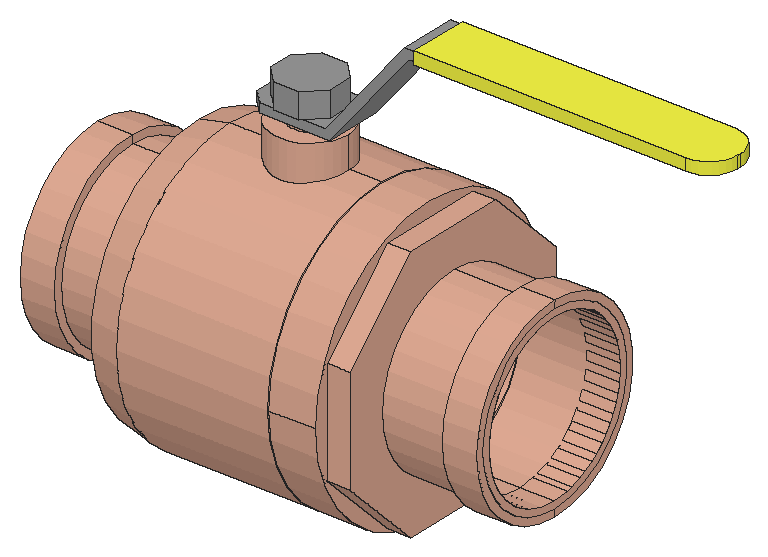
Revit family "430XLC-Ball-Valve", category Pipe Accessories, Revit 2018
Family settings
  Round Connector Dimension = Use Diameter
  Part Type = Valve - Breaks Into
  OmniClass Number = 23.60.30.11.14
  OmniClass Title = Pipework Fittings
  Work Plane-Based = No
  Always vertical = Yes
  Cut with Voids When Loaded = No
  Shared = No
Parameters
  X6_Half [instance] = X6 / 2  # 0.324"
  Weight [instance] = size_lookup(LookupTable, "Weight", "NA", Nominal Diameter)  # "14.55 lbs."
  URL = "http://www.fnw.com"
  Standards Lookup Table = "Standards"  # constant formula
  R4 [instance] = size_lookup(LookupTable, "R4", 0.000", Nominal Diameter)  # 2.4075"
  Product ID [instance] = size_lookup(LookupTable, "ProductID", "NA", Nominal Diameter)  # "3801465"
  Pipe Diameter [instance] = size_lookup(Standards Lookup Table, "copper", 0.000", Nominal Diameter)  # 3.125"
  Part Number [instance] = size_lookup(LookupTable, "PartNumber", "NA", Nominal Diameter)  # "FNW430XLCM"
  PIpe Radius [instance] = Pipe Diameter / 2  # 1.5625"
  Manufacturer = "FNW"  # constant formula
  Insert [instance] = size_lookup(LookupTable, "insert", 0.000", Nominal Diameter)  # 1.910"
  Description BOM [instance] = size_lookup(LookupTable, "Description_BOM", "NA", Nominal Diameter)  # "Not For Potable Use 3 XLC Brass PXP Full Port BV Water"
  D5 Half [instance] = D5 / 2  # 1.830"
  D5 [instance] = size_lookup(LookupTable, "D5", 0.000", Nominal Diameter)  # 3.660"
  D3_Half [instance] = D3 / 2  # 0.5625"
  1_Z2 [instance] = size_lookup(LookupTable, "1_Z2", 0.000", Nominal Diameter)  # 0.1644"
  1_Z1 [instance] = size_lookup(LookupTable, "1_Z1", 0.000", Nominal Diameter)  # 1.88935"
  Z3 [instance] = size_lookup(LookupTable, "Z3", 0.000", Nominal Diameter)  # 0.46875"
  Z2 [instance] = size_lookup(LookupTable, "Z2", 0.000", Nominal Diameter)  # 3.425"
  Z1 [instance] = size_lookup(LookupTable, "Z1", 0.000", Nominal Diameter)  # 3.2606"
  1_Y1 [instance] = size_lookup(LookupTable, "1_Y1", 0.000", Nominal Diameter)  # 1.080"
  1_X4 [instance] = size_lookup(LookupTable, "1_X4", 0.000", Nominal Diameter)  # 0.7992"
  1_X1 [instance] = size_lookup(LookupTable, "1_X1", 0.000", Nominal Diameter)  # 1.5984"
  1_X3 [instance] = size_lookup(LookupTable, "1_X3", 0.000", Nominal Diameter)  # 8.070"
  X7 [instance] = size_lookup(LookupTable, "X7", 0.000", Nominal Diameter)  # 4.000"
  X6 [instance] = size_lookup(LookupTable, "X6", 0.000", Nominal Diameter)  # 0.648"
  X5 [instance] = size_lookup(LookupTable, "X5", 0.000", Nominal Diameter)  # 0.450"
  X4 [instance] = size_lookup(LookupTable, "X4", 0.000", Nominal Diameter)  # 0.900"
  X3 [instance] = size_lookup(LookupTable, "X3", 0.000", Nominal Diameter)  # 2.85667"
  X2 [instance] = size_lookup(LookupTable, "X2", 0.000", Nominal Diameter)  # 0.57333"
  1_X2 [instance] = size_lookup(LookupTable, "1_X2", 0.000", Nominal Diameter)  # 1.41701"
  X1 [instance] = size_lookup(LookupTable, "X1", 0.000", Nominal Diameter)  # 1.910"
  Show Lever Clearance [instance] = no
  R3 [instance] = size_lookup(LookupTable, "R3", 0.000", Nominal Diameter)  # 2.675"
  R2 [instance] = size_lookup(LookupTable, "R2", 0.000", Nominal Diameter)  # 2.54125"
  R1_Diam [instance] = R1 * 2  # 3.365"
  R1 [instance] = size_lookup(LookupTable, "R1", 0.000", Nominal Diameter)  # 1.6825"
  Nominal Radius [instance] = Nominal Diameter / 2  # 1.500"
  Nominal Diameter [instance] = 3.000"
  LookupTable = "430XLC-Ball-Valve"  # constant formula
  HexAngle1 [instance] = 135.00°  # constant formula
  D3 [instance] = size_lookup(LookupTable, "D3", 0.000", Nominal Diameter)  # 1.125"
  D2 [instance] = size_lookup(LookupTable, "D2", 0.000", Nominal Diameter)  # 0.750"
  D1 [instance] = size_lookup(LookupTable, "D1", 0.000", Nominal Diameter)  # 1.434"
Reference planes (in)
  plane 1 "Center (Front/Back)": y = 0
  plane 2: z = 0
  plane 3 "Center (Left/Right)": x = 0
  plane 4 "X7 End": x = -4
  plane 5 "D1 Top": z = 3.2606
  plane 6 "D2 Top": z = 3.425
  plane 7: x = -2.09
  plane 8: x = -1.51667
  plane 9: x = 1.34
  plane 10 "Face EXT": x = 2.24
  plane 11: x = 2.69
  plane 12 "R3 Top": z = 2.675
  plane 13 "R2 Top": z = 2.54125
  plane 14 "R1 Top": z = 1.6825
  plane 15 "Pipe radius": z = 1.5625
  plane 16 "NPT": x = -2.09
  plane 17 "NPT 2": x = 2.24
  plane 18: x = 4.6
  plane 19 "X61": x = -4
  plane 20: x = -3.352
  plane 21 "X62": x = 3.952
  plane 22: x = 4.6
  plane 23: z = 3.5894
  plane 24: x = 4.276
  plane 25: x = -3.676
  plane 26: z = 4.05815
  plane 27: z = 1.83
  plane 28: x = -2.09
  plane 29: x = 2.69
Forms (in)
  Extrusion 1, solid, material "Copper_01"
    sketch origin (0, 0, 0) x (1, 0, 0) y (0, 1, 0)
      loop
        circle (0, 0) r 0.375
    from 3.2606 to 3.425
  Extrusion 2, solid, material "Copper_01"
    sketch origin (0, 0, 0) x (0, 1, 0) y (0, 0, 1)
      loop
        circle (0, 0) r 2.675
      loop
        circle (0, 0) r 1.5625
    from 1.34 to 2.24
  Extrusion 3, solid, material "Copper_01"
    sketch origin (0, 0, 1.5625) x (-1, 0, 0) y (0, -1, 0)
      loop
        circle (0, 0) r 0.717
    from 0 to 1.6981
  Extrusion 4, solid, material "Copper_01", not visible
    sketch origin (-2.09, 0, 0) x (0, 0, 1) y (0, -1, 0)
      loop
        circle (0, 0) r 1.5
    from 0 to 4.78
  Extrusion 5, solid, material "Copper_01"
    sketch origin (-2.09, 0, 0) x (0, 0, 1) y (0, -1, 0)
      loop
        circle (0, 0) r 1.6825
      loop
        circle (0, 0) r 1.5625
    from -1.91 to 0
  Extrusion 6, solid, material "Copper_01"
    sketch origin (2.24, 0, 0) x (0, 0, 1) y (0, -1, 0)
      loop
        line (-0.99722, -2.4075) -> (0.99722, -2.4075) -> (2.4075, -0.99722) -> (2.4075, 0.99722) -> (0.99722, 2.4075) -> (-0.99722, 2.4075) -> (-2.4075, 0.99722) -> (-2.4075, -0.99722) -> (-0.99722, -2.4075)
      loop
        circle (0, 0) r 1.5625
    from 0 to 0.45
  Revolve 7, solid, material "Copper_01"
    sketch origin (0, 0, 0) x (1, 0, 0) y (0, 0, 1)
      loop
        line (1.34, 1.5625) -> (1.34, 2.675) -> (-1.51297, 2.675) -> (-2.09, 2.54125) -> (-2.09, 1.5625) -> (1.34, 1.5625)
      axis (-2.09, 0) -> (1.34, 0)
    angle from 0 to 360
  Revolve 8, solid, material "Copper_01"
    sketch origin (0, 0, 0) x (1, 0, 0) y (0, 0, 1)
      loop
        line (-4, 1.83) -> (-4, 1.5625) -> (-3.352, 1.5625) -> (-3.352, 1.83) -> (-4, 1.83)
      axis (-4, 0) -> (-3.352, 0)
    angle from 0 to 360
  Revolve 9, solid, material "Copper_01"
    sketch origin (0, 0, 0) x (1, 0, 0) y (0, 0, 1)
      loop
        line (3.952, 1.83) -> (3.952, 1.5625) -> (4.6, 1.5625) -> (4.6, 1.83) -> (3.952, 1.83)
      axis (3.952, 0) -> (4.6, 0)
    angle from 0 to 360
  Extrusion 10, solid, material "Copper_01"
    sketch origin (-2.09, 0, 0) x (0, 0, 1) y (0, -1, 0)
      loop
        circle (0, 0) r 1.6825
      loop
        circle (0, 0) r 1.5625
    from 4.78 to 6.69
Dimensions and locks (in)
  "X7": plane 4 "X7 End" to plane 3 "Center (Left/Right)"
  "Z1": plane 5 "D1 Top" to plane 2
  "Z2": plane 6 "D2 Top" to plane 2
  "X1": plane 4 "X7 End" to plane 7
  "X2": plane 8 to plane 7
  "X3": plane 9 to plane 8
  "X4": plane 10 "Face EXT" to plane 9
  "X5": plane 11 to plane 10 "Face EXT"
  "R3": plane 12 "R3 Top" to plane 2
  "R2": plane 13 "R2 Top" to plane 2
  "R1": plane 14 "R1 Top" to plane 2
  "PIpe Radius": plane 15 "Pipe radius" to plane 2
  "X1": plane 4 "X7 End" to plane 16 "NPT"
  "X5": plane 11 to plane 17 "NPT 2"
  "X1": plane 18 to plane 11
  "R4": Extrusion 6 sketch curve to plane 1 "Center (Front/Back)"
  "R4": plane 1 "Center (Front/Back)" to Extrusion 6 sketch curve  (x5)
  "R4": plane 2 to Extrusion 6 sketch curve  (x2)
  "1_Z2": plane 23 to plane 6 "D2 Top"
  equal spacing: plane 20, plane 25, plane 19 "X61"
  equal spacing: plane 22, plane 24, plane 21 "X62"
  "X6": plane 22 to plane 21 "X62"
  "X6": plane 20 to plane 19 "X61"
  "X6_Half": plane 4 "X7 End" to plane 25
  "Z3": plane 26 to plane 23
  "D5 Half": plane 27 to plane 2
  "X6_Half": plane 24 to plane 18
  "Insert": plane 29 to plane 18
  "Insert": plane 28 to plane 4 "X7 End"
  plane 14 "R1 Top" to plane 15 "Pipe radius" = 0.120"
  "D2": diameter of Extrusion 1 sketch curve
  "R3": radius of Extrusion 2 sketch curve
  "PIpe Radius": radius of Extrusion 2 sketch curve
  "D1": diameter of Extrusion 3 sketch curve
  "Nominal Radius": radius of Extrusion 4 sketch curve
  "R1": radius of Extrusion 5 sketch curve
  "PIpe Radius": radius of Extrusion 5 sketch curve
  "PIpe Radius": radius of Extrusion 6 sketch curve
  "R1": radius of Extrusion 10 sketch curve
  "PIpe Radius": radius of Extrusion 10 sketch curve
  angle Extrusion 6 sketch curve to Extrusion 6 sketch curve = 135.00°  (x7)
  aligned and locked: plane 2 to level
  aligned and locked: Extrusion 1 to plane 5 "D1 Top"
  aligned and locked: plane 6 "D2 Top" to Extrusion 1
  aligned and locked: Extrusion 2 to plane 9
  aligned and locked: Extrusion 2 to plane 10 "Face EXT"
  aligned and locked: plane 5 "D1 Top" to Extrusion 3
  aligned and locked: plane 4 "X7 End" to Extrusion 5
  aligned and locked: Revolve 7 sketch curve to level
  aligned and locked: Revolve 8 sketch curve to plane 2
  aligned and locked: Revolve 9 sketch curve to plane 2
  aligned and locked: plane 7 to Extrusion 5
  aligned and locked: Extrusion 10 to plane 11
  aligned and locked: Extrusion 10 to plane 18
  aligned and locked: Extrusion 6 to plane 11
  aligned and locked: Extrusion 4 to plane 28
  aligned and locked: plane 29 to Extrusion 4
  aligned and locked: plane 27 to Revolve 8 sketch curve
  aligned and locked: Revolve 8 sketch curve to plane 20
  aligned and locked: Revolve 8 sketch curve to plane 4 "X7 End"
  aligned and locked: plane 27 to Revolve 9 sketch curve
  aligned and locked: plane 21 "X62" to Revolve 9 sketch curve
  aligned and locked: Revolve 9 sketch curve to plane 22
  aligned and locked: plane 15 "Pipe radius" to Revolve 8 sketch curve
  aligned and locked: Revolve 9 sketch curve to plane 15 "Pipe radius"
Automatic sketch dimensions
  Revolve 7 sketch curve to plane 7 = 0.000"
  Revolve 7 sketch curve to plane 12 "R3 Top" = 0.000"
  Revolve 7 sketch curve to plane 9 = 0.000"
  Revolve 7 sketch curve to plane 15 "Pipe radius" = 0.000"
  Revolve 7 sketch curve to plane 13 "R2 Top" = 0.000"
  plane 8 to Revolve 7 sketch curve = 0.0037"
  plane 4 "X7 End" to Revolve 7 sketch curve = 0.1481"
  plane 7 to Revolve 7 sketch curve = 0.02483"
  plane 4 "X7 End" to Revolve 8 sketch curve = 1.24841"
  plane 20 to Revolve 8 sketch curve = 0.10444"
  Revolve 9 sketch curve to plane 11 = 0.01599"
  Revolve 9 sketch curve to plane 18 = 1.73101"
  plane 1 "Center (Front/Back)" to Extrusion 1 sketch curve = 0.000"
  Extrusion 1 sketch curve to plane 3 "Center (Left/Right)" = 0.000"
  Extrusion 2 sketch curve to Extrusion 2 sketch curve = 0.000"  (x2)
  Extrusion 2 sketch curve to level = 0.000"
  Extrusion 2 sketch curve to plane 1 "Center (Front/Back)" = 0.000"
  plane 1 "Center (Front/Back)" to Extrusion 3 sketch curve = 0.000"
  Extrusion 3 sketch curve to plane 3 "Center (Left/Right)" = 0.000"
  Extrusion 4 sketch curve to level = 0.000"
  Extrusion 4 sketch curve to plane 1 "Center (Front/Back)" = 0.000"
  Extrusion 5 sketch curve to Extrusion 5 sketch curve = 0.000"  (x2)
  Extrusion 5 sketch curve to level = 0.000"
  Extrusion 5 sketch curve to plane 1 "Center (Front/Back)" = 0.000"
  Extrusion 6 sketch curve to level = 0.000"
  Extrusion 6 sketch curve to plane 1 "Center (Front/Back)" = 0.000"
  Extrusion 10 sketch curve to Extrusion 10 sketch curve = 0.000"  (x2)
  Extrusion 10 sketch curve to level = 0.000"
  Extrusion 10 sketch curve to plane 1 "Center (Front/Back)" = 0.000"
Nested families (in)
  nested 1: "Nested Lever_430" at (0, 0, 3.425), Show Lever Clearance <- "Show Lever Clearance", D3 <- "D3", Z3 <- "Z3", 1_X1 <- "1_X1", 1_X2 <- "1_X2", 1_X4 <- "1_X4", 1_Y1 <- "1_Y1", 1_Z1 <- "1_Z1", 1_Z2 <- "1_Z2", 1_X3 <- "1_X3", type "Nested Lever_430"
    with Z3 0.46875", Void_Outer_Radius 0.6025", Void_Outer 1.205", Show Lever Clearance no, Grip_L3 0.2269", Grip_L2 0.19565", Grip_L1 0.03125", D3_Half 0.375", D3 1.125", Clearance Hieght 6.000", Angle Hex Head 135.00°, 1_Z2 0.1644", 1_Z1 1.88935", 1_Y1_Half 0.540", 1_Y1 1.080", 1_X4 0.7992", 1_X3_and_1__Y1_Half 8.610", 1_X3 8.070", 1_X2 1.41701", 1_X1 1.5984"
Connectors (in)
  piping at (-2.09, 0, 0), diameter 3, driven by "Nominal Diameter"
    settings: on Extrusion 4, index 1, connector inside diameter 24", connector length 0.000", flow factor 0, pipe flow 0 GPM, pressure drop 0.00 psi, fitting loss kfactor 0, connector angle 0.00°, fixture units 0, engagement length 0.000", angle of deflection 0.00°, flow configuration 0, flow direction 0, fitting loss method 0, system type 7, joint type 0, gender type 0, connector reference index 2, connector utility 0, adjustable connector no, is connector primary yes, connector description ""
  piping at (2.69, 0, 0), diameter 3, driven by "Nominal Diameter"
    settings: on Extrusion 4, index 2, connector inside diameter 24", connector length 0.000", flow factor 0, pipe flow 0 GPM, pressure drop 0.00 psi, fitting loss kfactor 0, connector angle 0.00°, fixture units 0, engagement length 0.000", angle of deflection 0.00°, flow configuration 0, flow direction 0, fitting loss method 0, system type 7, joint type 0, gender type 0, connector reference index 1, connector utility 0, adjustable connector no, is connector primary no, connector description ""
Definition of nested family "Nested Lever_430"
  Parameters (values of type "Nested Lever_430")
    Z3 [instance] = 0.125"
    Angle 2 = 45.00°  # constant formula
    1_Z2 [instance] = 0.125"
    1_Z1 [instance] = 1.250"
    1_Y1_Half [instance] = [1_Y1] / 2  # 1.000"
    1_Y1 [instance] = 2.000"
    1_X1 [instance] = 2.500"
    1_X3_and_1__Y1_Half [instance] = [1_X3] + [1_Y1_Half]  # 13.66198"
    1_X3 [instance] = 12.66198"
    1_X2 [instance] = 1.500"
    Void_Outer_Radius [instance] = Void_Outer / 2  # 1.0625"
    Void_Outer [instance] = [1_Y1] + Grip_L1 * 4  # 2.125"
    Show Lever Clearance [instance] = yes
    Grip_L3 [instance] = Grip_L1 + Grip_L2  # 0.1875"
    Grip_L1 [instance] = 0.03125"  # constant formula
    Grip_L2 [instance] = [1_Z2] + Grip_L1  # 0.15625"
    Default Elevation = 48.000"
    D3_Half [instance] = D3 / 3  # 0.23251"
    D3 [instance] = 0.69752"
    Clearance Hieght [instance] = 6.000"  # constant formula
    Angle Hex Head [instance] = 135.00°  # constant formula
    1_X4 [instance] = 1.000"
  Reference planes (in)
    plane 1 "Center (Front/Back)": y = 0
    plane 2: z = 0
    plane 3 "Center (Left/Right)": x = 0
    plane 4: z = 0.125
    plane 5: x = -1
    plane 6: x = 12.66198
    plane 7: y = 1
    plane 8: y = -1
    plane 9: x = 1.5
    plane 10: x = 3
    plane 11: z = 1.375
    plane 12: z = 1.25
    plane 13: z = 0.25
    plane 14: z = 1.40625
    plane 15: z = 1.21875
    plane 16: x = 3.15625
    plane 17: y = 1.03125
    plane 18: y = -1.03125
  Forms (in)
    Extrusion 1, solid
      sketch origin (0, 0, 0) x (1, 0, 0) y (0, 1, 0)
        loop
          line (-48, 48) -> (-48, -48) -> (48, -48) -> (48, 48) -> (-48, 48)
      from 0 to -12
    Extrusion 2, solid
      sketch origin (0, 0, 0) x (1, 0, 0) y (0, 0, 1)
        loop
          line (1.30132, 0) -> (1.5, 0) -> (3.04425, 1.25) -> (4.15625, 1.25) -> (4.15625, 1.375) -> (3, 1.375) -> (1.30132, 0)
      from -1 to 1
    Extrusion 3, solid
      sketch origin (0, 0, 0) x (1, 0, 0) y (0, 1, 0)
        loop
          line (0.34876, 0.14446) -> (0.14446, 0.34876) -> (-0.14446, 0.34876) -> (-0.34876, 0.14446) -> (-0.34876, -0.14446) -> (-0.14446, -0.34876) -> (0.14446, -0.34876) -> (0.34876, -0.14446) -> (0.34876, 0.14446)
      from 0.125 to 0.25
    Extrusion 4, solid
      sketch origin (0, 0, 0) x (1, 0, 0) y (0, 1, 0)
        loop
          line (11.66198, 1.03125) -> (3.15625, 1.03125) -> (3.15625, -1.03125) -> (11.66198, -1.03125)
          arc (11.66198, -1.03125) -> (12.36908, -0.73836) -> (12.66198, -0.03125) r 1
          line (12.66198, -0.03125) -> (12.66198, 0.03125)
          arc (12.66198, 0.03125) -> (12.36908, 0.73836) -> (11.66198, 1.03125) r 1
      from 1.21875 to 1.40625
    Extrusion 5, solid, visible <- "Show Lever Clearance"
      sketch origin (0, 0, 0) x (1, 0, 0) y (0, 1, 0)
        loop
          line (-1, 1) -> (-1, -12.66198)
          arc (-1, -12.66198) -> (8.66048, -8.66048) -> (12.66198, 1) r 13.66198
          line (12.66198, 1) -> (-1, 1)
      from 0 to 6 <- "Clearance Hieght"
    Extrusion 6, solid
      sketch origin (0, 0, 0) x (1, 0, 0) y (0, 1, 0)
        loop
          line (1.5, -1) -> (1.5, 1) -> (-0.5, 1) -> (-1, 0.5) -> (-1, -0.5) -> (-0.5, -1) -> (1.5, -1)
      from 0 to 0.125
  Cuts and joins
    joined: Extrusion 2, Extrusion 6
  Lines and regions (in)
    reference lines
      curve 1: line (0, 0, 3.375) -> (0, 0, -1.625)
  Dimensions and locks (in)
    "1_Z2": plane 4 to plane 2
    "1_X4": plane 3 "Center (Left/Right)" to plane 5
    "1_X3": plane 6 to plane 3 "Center (Left/Right)"
    equal spacing: plane 7, plane 1 "Center (Front/Back)", plane 8
    "1_Y1": plane 7 to plane 8
    "1_X1": plane 9 to plane 5
    "1_X2": plane 10 to plane 9
    "1_Z1": plane 11 to plane 4
    "1_Z2": plane 11 to plane 12
    equal spacing: Extrusion 3 sketch curve, curve 1, Extrusion 3 sketch curve  (x4)
    "D3": Extrusion 3 sketch curve to Extrusion 3 sketch curve  (x4)
    "Z3": plane 13 to plane 4
    "Grip_L1": plane 14 to plane 11
    "Grip_L2": plane 11 to plane 15
    "Grip_L2": plane 16 to plane 10
    "Grip_L1": plane 8 to plane 18
    "Grip_L1": plane 17 to plane 7
    "1_Y1_Half": plane 16 to Extrusion 2
    "1_X3_and_1__Y1_Half": Extrusion 5 sketch curve to Extrusion 5 sketch curve  (x2)
    equal spacing: Extrusion 6 sketch curve, plane 1 "Center (Front/Back)", Extrusion 6 sketch curve
    "1_Y1_Half": Extrusion 6 sketch curve to Extrusion 6 sketch curve
    "1_Z2": Extrusion 2 sketch curve to Extrusion 2 sketch curve
    "1_Y1_Half": radius of Extrusion 4 sketch curve  (x2)
    "1_X3_and_1__Y1_Half": radius of Extrusion 5 sketch curve
    "Angle Hex Head": angle Extrusion 3 sketch curve to Extrusion 3 sketch curve  (x6)
    "Angle 2": angle plane 5 to Extrusion 6 sketch curve
    "Angle 2": angle Extrusion 6 sketch curve to plane 5
    aligned and locked: plane 2 to Extrusion 1
    aligned and locked: level to Extrusion 1
    aligned and locked: plane 10 to Extrusion 2 sketch curve
    aligned and locked: plane 12 to Extrusion 2 sketch curve
    aligned and locked: plane 11 to Extrusion 2 sketch curve
    aligned and locked: curve 1 to plane 3 "Center (Left/Right)"
    aligned and locked: plane 4 to Extrusion 3
    aligned and locked: Extrusion 3 to plane 13
    aligned and locked: Extrusion 4 sketch curve to plane 16
    aligned and locked: Extrusion 4 sketch curve to plane 18
    aligned and locked: plane 17 to Extrusion 4 sketch curve
    aligned and locked: Extrusion 4 to plane 15
    aligned and locked: Extrusion 4 to plane 14
    aligned and locked: Extrusion 2 to plane 8
    aligned and locked: plane 7 to Extrusion 2
    aligned and locked: plane 9 to Extrusion 6 sketch curve
    aligned and locked: Extrusion 6 sketch curve to plane 5
    aligned and locked: Extrusion 6 to plane 4
  Automatic sketch dimensions
    Extrusion 1 sketch curve to Extrusion 1 sketch curve = 96.000"  (x2)
    curve 1 to level = 1.625"
    curve 1 to plane 11 = 2.000"
    Extrusion 2 sketch curve to level = 0.000"
    Extrusion 2 sketch curve to plane 9 = 0.000"
    plane 16 to Extrusion 2 sketch curve = 1.000"
    Extrusion 4 sketch curve to plane 6 = 0.000"
    Extrusion 5 sketch curve to plane 5 = 0.000"
    Extrusion 5 sketch curve to plane 7 = 0.000"
    Extrusion 6 sketch curve to plane 8 = 0.000"
    Extrusion 6 sketch curve to plane 7 = 0.000"
